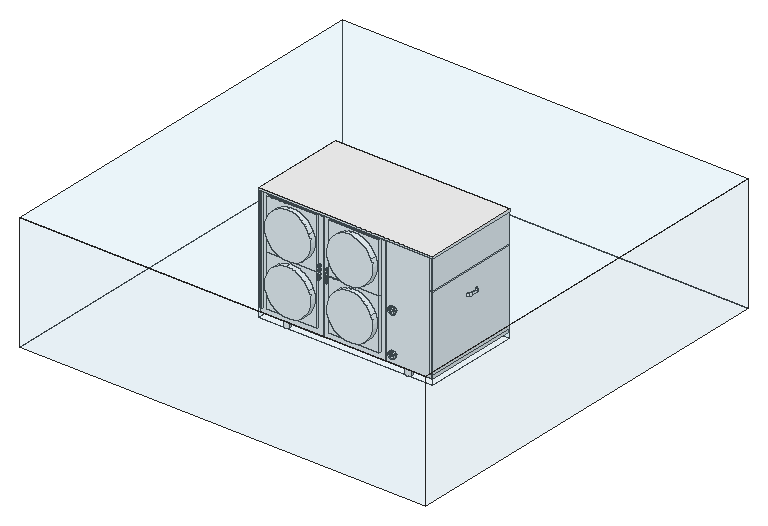
Revit family "VITOCAL 200-A PRO AWO-AC 202.A064", category Mechanical Equipment, Revit 2021
Family settings
  Round Connector Dimension = Use Diameter
  Part Type = Normal
  OmniClass Number = 23.75.10.21.17
  OmniClass Title = Water-Source Heat Pumps
  Work Plane-Based = No
  Always vertical = Yes
  Cut with Voids When Loaded = No
  Shared = No
  Room Calculation Point = No
Parameters (values of type "VITOCAL 200-A PRO AWO-AC 202.A064")
  Wysokość całkowita = 1510.00 mm
  Woda grzewcza. Znamionowy przepływ objętościowy = "9690 l/h"
  Zastosowanie średniotemperaturowe (W55). Znamionowa moc grzewcza Prated (kW) = 54
  Zastosowanie średniotemperaturowe (W55). Sezonowy stopień efektywności (SCOP) = 3.31
  Zastosowanie średniotemperaturowe (W55). Efektywność energetyczna ηS = 130
  Zastosowanie niskotemperaturowe (W35). Znamionowa moc grzewcza Prated (kW) = 51
  Wentylator. Zabezpieczenie wewnętrzne = "B10A"
  Zastosowanie niskotemperaturowe (W35). Sezonowy stopień efektywności (SCOP) = 3.88
  Stopień ochrony = "IPX4"
  Przyłącza. Zasilanie oraz powrót wody grzewczej (gwint zewnętrzny) = "G 2"
  Pozyskiwanie ciepła. Znamionowy przepływ objętościowy powietrza = "13 500 m3/h"
  Pozyskiwanie ciepła. Min. Temperatura powietrza na wlocie = "–20 °C"
  Pozyskiwanie ciepła. Maks. moc elektryczna wentylatora = "4 x 500 W"
  Pozyskiwanie ciepła. Maks. Temperatura powietrza na wlocie = "35 °C"
  Pozyskiwanie ciepła. Ilość wody kondensacyjnej przy wilgotności 87% = "30"
  Woda grzewcza. Pojemność = "8.9 l"
  Woda grzewcza. Opory przepływu znamionowego przepływu objętościowego = "14.7 kPa"
  Woda grzewcza. Opory przepływu minimalnego przepływu objętościowego = "1.6 kPa"
  Poziom mocy akustycznej = "69.7 dB(A)"
  Obieg chłodniczy. Sprężarka = "Scroll"
  Obieg chłodniczy. Olej w sprężarce = "Idemitsu FV68S"
  Obieg chłodniczy. Ilość oleju w sprężarce = "2.8"
  Obieg chłodniczy. Ilość czynnika chłodniczego = 18.00 kg
  Obieg chłodniczy. Ekwiwalent CO2 = "31.9"
  Obieg chłodniczy. Czynnik roboczy = "R407C"
  Obieg chłodniczy. Armatura zabezpieczająca = "A1"
  Obieg chłodniczy. Potencjał tworzenia efektu cieplarnianego (GWP) = "1774"
  Wentylator. Napięcie znamionowe = "1/N/PE 230 V/50 Hz"
  Woda grzewcza. Minimalny przepływ objętościowy (1 sprężarka uruchomiona) = "2100 l/h"
  Woda grzewcza. Min. temperatura na powrocie = "20 °C"
  Woda grzewcza. Maks. temperatura na zasilaniu = "65 °C"
  Sprężarka. Maks. przekrój elektrycznych przewodów przyłączeniowych = "16 mm2"
  Znamionowa wydajność chłodzenia = 69.9 kW
  Znamionowa moc grzewcza = 56.2 kW
  Sprężarka. Zabezp. przyłącza elektrycznego = "i 3 x C63A Kombi"
  Viessmann Kolor 1 = Viessmann Kolor 1
  URL = "https://www.viessmann.pl/"
  Szerokość całkowita = 2315.00 mm
  Strefa serwisowa [instance] = yes
  Stopień efektywności ε (COP) = 4
  Sprężarka. Prąd rozruchowy sprężarki = "122.7"
  Pobór mocy elektrycznej = 14.06 kW
  Sprężarka. Napięcie znamionowe = "3/N/PE 400 V/50 Hz"
  Moc elektryczna na podgrzew miski olejowej = "2 x 90"
  Masa całkowita (urządzenie podstawowe bez opcjonalnej obudowy) = 790.00 kg
  Manufacturer = "Viessmann Sp. z o.o."
  Sprężarka. Maks. prąd roboczy = 53.4 A
  Sprężarka. Maks. pobór mocy elektrycznej sprężarki (A2/W35, włącznie z wentylatorem) = 14.6 kW
  Wentylator. Maks. pobór mocy elektrycznej na 1 wentylator = 500 W
  Zastosowanie niskotemperaturowe (W35). Efektywność energetyczna ηS (%) = 152
  Informacja = "Pomiar całkowitego poziomu mocy akustycznej w oparciu o normę EN ISO 12102/EN ISO 9614."
  EER w trybie chłodzenia = 4.83
  Dop. ciśnienie robocze po stronie wtórnej = "6 bar"
  Description = "Pompa ciepła Vitocal 200-A PRO pozyskuje energię cieplną z powietrza zewnętrznego i wykorzystuje ją do ogrzewania\r\nwody w obiegu grzewczym lub obiegu ciepłej wody użytkowej. Dzięki nagrzewnicy powietrznej (parownik) energia cieplna,\r\npochodząca ze stale zasysanego przez wentylator powietrza zewnętrznego, jest oddawana do czynnika roboczego\r\n(czynnika chłodniczego). Czynnik chłodniczy ulega przy tym parowaniu. Za pomocą elektrycznie napędzanej sprężarki\r\nzwiększana jest temperatura czynnika chłodniczego w postaci gazowej.\r\nPo odparowaniu i zagęszczeniu energia cieplna z czynnika chłodniczego poprzez kondensację w wymienniku ciepła jest\r\nprzekazywana do zasobnika buforowego (nie należy do zakresu dostawy), a następnie do systemu grzewczego. W tzw.\r\nskraplaczu czynnik chłodniczy znów jest skraplany i może zostać ponownie doprowadzony do parownika przez zawór\r\nrozprężny.\r\nPrzy niskich temperaturach otoczenia wilgoć odkłada się w parowniku jako szron, co niekorzystnie wpływa\r\nna przekazywanie ciepła. W razie potrzeby parownik jest automatycznie rozmrażany przez pompę ciepła. W zależności\r\nod warunków pogodowych w wylocie powietrza może powstawać para. W zależności od warunków regionalnych konieczna\r\nmoże być optymalizacja podczas pracy.\r\nAby zapewnić izolację akustyczną, zasobnik buforowy musi być podłączony za pomocą elastycznych połączeń przewodów.\r\nZwiększa to jednocześnie żywotność pompy ciepła."
  Model = "Pompy ciepła powietrze/woda do ustawienia na zewnątrz z napędem elektrycznym do ogrzewania pomieszczeń i podgrzewu ciepłej wody użytkowej w instalacjach grzewczych: - Do 65°C temperatury na zasilaniu, - W zależności od typu z 1, 2 lub 4 sprężarkami, - Z regulatorem pompy ciepła sterowanym pogodowo i graficznym modułem obsługi do montażu na ścianie."
  Długość całkowita = 1330.00 mm
  Default Elevation = 0.00 mm
  Sprężarka. Cos φ = 0.76
  Autor = "www.archispace.pl"
Reference planes
  plane 1 "Środek (Przód/Tył)": y = -30
  plane 2: z = 0
  plane 3 "Środek (Lewa/Prawa)": x = 0
  plane 4: y = 597
  plane 5: y = -657
  plane 6: x = -1139
  plane 7: x = 1139
  plane 8: y = -733.925
  plane 9: x = 1179.148
  plane 10: z = 1510.2
  plane 11: z = 68.2
Forms (mm)
  Extrusion 1, solid, material "Viessmann Strefy Serwisowe", visible <- "Strefa serwisowa"
    sketch origin (4373.089, -302.094, 0) x (1, 0, 0) y (0, 1, 0)
      loop
        line (-1734.089, 2899.094) -> (-7012.089, 2899.094) -> (-7012.089, -2354.906) -> (-1734.089, -2354.906) -> (-1734.089, 2899.094)
      loop
        line (-5512.089, -354.906) -> (-3234.089, -354.906) -> (-3234.089, 899.094) -> (-5512.089, 899.094) -> (-5512.089, -354.906)
    from 0 to 1510.2
  Extrusion 2, solid, material "Viessmann Kolor 1" <- "Viessmann Kolor 1", detail levels coarse
    sketch origin (0, 0, 0) x (1, 0, 0) y (0, 1, 0)
      loop
        line (-1139, 597) -> (-1139, -733.925) -> (1179.148, -733.925) -> (1179.148, 597) -> (-1139, 597)
    from 0 to 1510.2
  Extrusion 3, solid, material "Viessmann Kolor 1" <- "Viessmann Kolor 1", detail levels medium+fine
    sketch origin (0, 0, 0) x (0, 1, 0) y (0, 0, 1)
      loop
        line (-641.787, 68.2) -> (578.213, 68.2) -> (578.213, 1483.7) -> (-641.787, 1483.7) -> (-641.787, 68.2)
    from -1121.6 to 1120
  Extrusion 4, solid, material "Viessmann Kolor 1" <- "Viessmann Kolor 1", detail levels medium+fine
    sketch origin (0, 0, 0) x (0, 1, 0) y (0, 0, 1)
      loop
        line (-657, 1483.7) -> (597, 1483.7) -> (597, 1510.2) -> (-657, 1510.2) -> (-657, 1483.7)
    from -1139 to 1139
  Extrusion 5, solid, material "Viessmann Kolor 1" <- "Viessmann Kolor 1", detail levels medium+fine
    sketch origin (0, 0, 0) x (1, 0, 0) y (0, 1, 0)
      loop
        line (-1126.5, 586.529) -> (-1126.5, -651.471) -> (-1092.5, -651.471) -> (-1092.5, -649.471) -> (-1125, -649.471) -> (-1125, 584.529) -> (-1092.5, 584.529) -> (-1092.5, 586.529) -> (-1126.5, 586.529)
    from 119.7 to 1483.7
  Extrusion 6, solid, material "Viessmann Kolor 1" <- "Viessmann Kolor 1", detail levels medium+fine
    sketch origin (0, 0, 0) x (1, 0, 0) y (0, 1, 0)
      loop
        line (1126.5, 587.429) -> (1092.5, 587.429) -> (1092.5, 585.429) -> (1125, 585.429) -> (1125, -648.571) -> (1092.5, -648.571) -> (1092.5, -650.571) -> (1126.5, -650.571) -> (1126.5, 587.429)
    from 1103.7 to 1483.7
  Extrusion 7, solid, material "Viessmann Kolor 1" <- "Viessmann Kolor 1", detail levels medium+fine
    sketch origin (-557.926, -1377, 1200) x (-1, 0, 0) y (0, 0, 1)
      loop
        line (463.924, 267.7) -> (-192.075, 267.7) -> (-192.075, -388.3) -> (463.924, -388.3) -> (463.924, 267.7)
      loop
        line (463.924, -393.8) -> (-192.075, -393.8) -> (-192.075, -1049.8) -> (463.924, -1049.8) -> (463.924, -393.8)
      loop
        line (-344.826, 267.7) -> (-1000.825, 267.7) -> (-1000.825, -388.3) -> (-344.826, -388.3) -> (-344.826, 267.7)
      loop
        line (-344.826, -393.8) -> (-1000.825, -393.8) -> (-1000.825, -1049.8) -> (-344.826, -1049.8) -> (-344.826, -393.8)
    from 711.346 to 728.929
  Extrusion 8, solid, material "Viessmann Kolor 1" <- "Viessmann Kolor 1", detail levels medium+fine
    sketch origin (-557.926, -1377, 1200) x (-1, 0, 0) y (0, 0, 1)
      loop
        arc (435.374, -54.751) -> (350.451, 148.765) -> (149.263, 239.065) r 299.669
        arc (149.263, 239.065) -> (-25.602, 192.218) -> (-141.58, 53.217) r 299.669
        arc (-141.58, 53.217) -> (-146.118, -162.026) -> (-5.17, -324.765) r 299.669
        arc (-5.17, -324.765) -> (292.353, -315.798) -> (435.374, -54.751) r 299.669
      loop
        arc (435.374, -716.251) -> (350.451, -512.735) -> (149.263, -422.435) r 299.669
        arc (149.263, -422.435) -> (-25.602, -469.282) -> (-141.58, -608.283) r 299.669
        arc (-141.58, -608.283) -> (-146.118, -823.526) -> (-5.17, -986.265) r 299.669
        arc (-5.17, -986.265) -> (292.353, -977.298) -> (435.374, -716.251) r 299.669
      loop
        arc (-373.376, -54.751) -> (-458.299, 148.765) -> (-659.487, 239.065) r 299.669
        arc (-659.487, 239.065) -> (-834.352, 192.218) -> (-950.33, 53.217) r 299.669
        arc (-950.33, 53.217) -> (-954.868, -162.026) -> (-813.92, -324.765) r 299.669
        arc (-813.92, -324.765) -> (-516.397, -315.798) -> (-373.376, -54.751) r 299.669
      loop
        arc (-373.376, -716.251) -> (-458.299, -512.735) -> (-659.487, -422.435) r 299.669
        arc (-659.487, -422.435) -> (-834.352, -469.282) -> (-950.33, -608.283) r 299.669
        arc (-950.33, -608.283) -> (-954.868, -823.526) -> (-813.92, -986.265) r 299.669
        arc (-813.92, -986.265) -> (-516.397, -977.298) -> (-373.376, -716.251) r 299.669
    from 643.075 to 711.346
  Extrusion 9, solid, material "Viessmann Kolor 1" <- "Viessmann Kolor 1", detail levels medium+fine
    sketch origin (-557.926, -1377, 1200) x (-1, 0, 0) y (0, 0, 1)
      loop
        line (-272.626, 283.7) -> (-1075.926, 283.7) -> (-1075.926, -1131.8) -> (-272.626, -1131.8) -> (-272.626, 283.7)
      loop
        line (559.174, 283.7) -> (-268.626, 283.7) -> (-268.626, -1131.8) -> (559.174, -1131.8) -> (559.174, 283.7)
      loop
        line (-1079.926, 283.7) -> (-1675.326, 283.7) -> (-1675.326, -1131.8) -> (-1079.926, -1131.8) -> (-1079.926, 283.7)
    from 728.929 to 730.429
  Extrusion 10, solid, material "Viessmann Kolor 1" <- "Viessmann Kolor 1", detail levels medium+fine
    sketch origin (0, 0, 0) x (1, 0, 0) y (0, 1, 0)
      loop
        circle (-793.5, 558.025) r 39
      loop
        circle (793.5, 558.025) r 39
      loop
        circle (793.5, -617.975) r 39
      loop
        circle (-793.5, -617.975) r 39
    from 0 to 68.2
  Sweep 11, solid, material "Viessmann Kolor 1" <- "Viessmann Kolor 1", detail levels medium+fine
    path origin (0, 0, 0) x (0, 1, 0) y (0, 0, 1)
      loop
        line (-30, 817.5) -> (-30, 843.5)
    profile origin (0, -30, 830.5) x (0, -1, 0) y (1, 0, 0)
      loop
        line (86.572, 1126.5) -> (86.572, 1140.146) -> (67.256, 1168.294)
        arc (67.256, 1168.294) -> (58.291, 1176.269) -> (46.643, 1179.148) r 25
        line (46.643, 1179.148) -> (-43.502, 1179.148)
        arc (-43.502, 1179.148) -> (-55.15, 1176.269) -> (-64.115, 1168.294) r 25
        line (-64.115, 1168.294) -> (-83.428, 1140.15) -> (-83.428, 1126.5) -> (-58.428, 1126.5) -> (-58.428, 1144.615)
        arc (-58.428, 1144.615) -> (-51.198, 1162.46) -> (-33.429, 1169.873) r 25
        line (-33.429, 1169.873) -> (35.439, 1169.873)
        arc (35.439, 1169.873) -> (53.117, 1162.551) -> (60.44, 1144.873) r 25
        line (60.44, 1144.873) -> (60.44, 1126.5) -> (86.572, 1126.5)
  Extrusion 12, solid, material "Viessmann Kolor 1" <- "Viessmann Kolor 1", detail levels medium+fine
    sketch origin (-557.926, -1377, 1200) x (-1, 0, 0) y (0, 0, 1)
      loop
        circle (-217.181, -466.737) r 12.089
      loop
        circle (-217.181, -416.737) r 12.089
      loop
        circle (-217.181, -366.737) r 12.089
      loop
        circle (-217.181, -316.737) r 12.089
      loop
        circle (-322.181, -466.737) r 12.089
      loop
        circle (-322.181, -416.737) r 12.089
      loop
        circle (-322.181, -366.737) r 12.089
      loop
        circle (-322.181, -316.737) r 12.089
    from 704.006 to 728.929
  Extrusion 13, solid, material "Viessmann Kolor 1" <- "Viessmann Kolor 1", detail levels medium+fine
    sketch origin (0, 0, 0) x (1, 0, 0) y (0, 1, 0)
      loop
        line (1126.5, 587.429) -> (1092.5, 587.429) -> (1092.5, 585.429) -> (1125, 585.429) -> (1125, -648.571) -> (1092.5, -648.571) -> (1092.5, -650.571) -> (1126.5, -650.571) -> (1126.5, 587.429)
    from 119.7 to 1084.7
  Extrusion 14, void
    sketch origin (-557.926, -1377, 1200) x (-1, 0, 0) y (0, 0, 1)
      loop
        circle (-1169.926, -1021.8) r 50
      loop
        circle (-1169.926, -503.8) r 50
    from 701.558 to 780.429
  Extrusion 15, solid, material "Viessmann Kolor 1" <- "Viessmann Kolor 1", detail levels medium+fine
    sketch origin (-557.926, -1377, 1200) x (-1, 0, 0) y (0, 0, 1)
      loop
        circle (-1170.376, -498.907) r 30
      loop
        circle (-1170.376, -498.907) r 23
      loop
        circle (-1170.376, -1017.907) r 30
      loop
        circle (-1170.376, -1017.907) r 23
    from 701.558 to 801.558
  Extrusion 16, void
    sketch origin (0, 0, 0) x (1, 0, 0) y (0, 1, 0)
      loop
        line (1026.914, -368.865) -> (1026.914, -306.865) -> (849.741, -306.865) -> (849.741, -368.865) -> (1026.914, -368.865)
    from 68.2 to 100
Cuts and joins
  Extrusion 14 cuts Extrusion 1
  Extrusion 14 cuts Extrusion 2
  Extrusion 14, Extrusion 16 cuts Extrusion 3
  Extrusion 14 cuts Extrusion 9
Lines and regions (mm)
  model lines, detail levels medium+fine
    curve 1: line (436.5, 578.213, 150.76) -> (436.5, 578.213, 1399.76)
    curve 2: line (436.5, 578.213, 1399.76) -> (-1078.5, 578.213, 1399.76)
    curve 3: line (-1078.5, 578.213, 150.76) -> (-1078.5, 578.213, 1399.76)
    curve 4: line (-1078.5, 578.213, 150.76) -> (436.5, 578.213, 150.76)
Dimensions and locks
  plane 6 to plane 3 "Środek (Lewa/Prawa)" to plane 7 = 1139.00 mm, 1139.00 mm
  plane 4 to plane 1 "Środek (Przód/Tył)" to plane 5 = 627.00 mm, 627.00 mm
  aligned and locked: level to plane 2
  aligned and locked: Extrusion 2 sketch curve to plane 6
  aligned and locked: Extrusion 2 sketch curve to plane 4
  aligned and locked: plane 9 to Extrusion 2 sketch curve
  aligned and locked: plane 8 to Extrusion 2 sketch curve
  aligned and locked: Extrusion 2 to plane 10
Connectors
  piping at (612.45, -675.442, 701.093), diameter 60
    settings: on Extrusion 15, index 1, connector inside diameter 609.6 mm, connector length 0.00 mm, flow factor 0, pipe flow 0.0 m³/h, pressure drop 0.0 kPa, fitting loss kfactor 0, connector angle 0.00°, fixture units 0, engagement length 0.00 mm, angle of deflection 0.00°, flow configuration 0, flow direction 0, fitting loss method 0, system type 7, joint type 0, gender type 0, connector reference index -1, connector utility 0, adjustable connector no, is connector primary yes, connector description ""
  piping at (612.45, -675.442, 182.093), diameter 60
    settings: on Extrusion 15, index 2, connector inside diameter 609.6 mm, connector length 0.00 mm, flow factor 0, pipe flow 0.0 m³/h, pressure drop 0.0 kPa, fitting loss kfactor 0, connector angle 0.00°, fixture units 0, engagement length 0.00 mm, angle of deflection 0.00°, flow configuration 0, flow direction 0, fitting loss method 0, system type 8, joint type 0, gender type 0, connector reference index -1, connector utility 0, adjustable connector no, is connector primary no, connector description ""
  electrical at (938.328, -337.865, 68.2), driven by "Pobór mocy elektrycznej"
    settings: on cut or joined group of Extrusion 3, Extrusion 14, Extrusion 16, index 3, voltage 0 V, apparent load 14060 W, apparent load phase1 0 W, apparent load phase2 0 W, apparent load phase3 0 W, power factor 1, load classification "Other", number of poles 1, system type 30, power factor state 1, is connector primary yes, connector utility no, sub classification motor no, connector description ""
